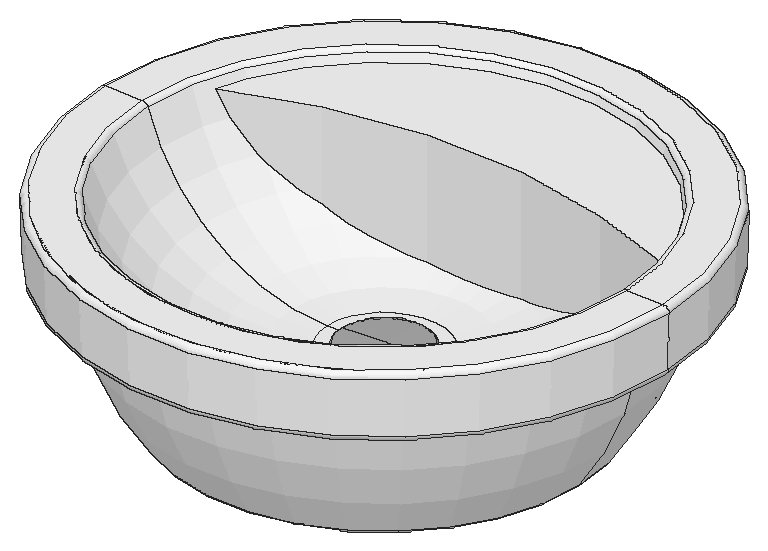
Revit family "NLRS_74_PF_UN_wastafel_S8W02800000_SPHINX_BCB", category Plumbing Fixtures, Revit 2016
Family settings
  Part Type = Normal
  Round Connector Dimension = Use Radius
  OmniClass Number = 23.45.00.00
  OmniClass Title = Sanitary, Laundry, and Cleaning Equipment
  Work Plane-Based = No
  Always vertical = Yes
  Cut with Voids When Loaded = No
  Shared = No
  Room Calculation Point = No
Parameters (values of type "opbouwwastafel 50 cm")
  NLRS_C_type = "Wastafel zonder kraangat en overloop"
  NLRS_C_serie = "300 Basic"
  NLRS_C_revit_versie = "2016"
  NLRS_C_content_versie = "2.0"
  NLRS_C_content_provider = "BouwConnect"
  NLRS_C_content_datum_uitgifte = "APR-2018"
  NLRS_C_content_datum_gewijzigd = "APR-2018"
  NLRS_C_content_creator = "BouwConnect"
  NLRS_C_URL_product_data = "http://www.sphinx.nl/producten/wastafels-%7C-fonteinen/inbouwwastafels/sphinx-300-basic-%7C-opbouwwastafel-50-cm/27644/"
  Waste Connection = yes
  WFU = 0
  URL = "http://www.sphinx.nl/"
  Type Comments = ""
  NLRS_S_gewicht = 12.00 kg
  NLRS_C_materiaal = none
  NLRS_C_lengte = 500 mm
  NLRS_C_hoogte = 125 mm
  NLRS_C_diameter_uit = 45 mm
  NLRS_C_diameter_in = 35 mm
  NLRS_C_breedte = 500 mm
  Model = "300 opbouwwastafel 50 cm"  # constant formula
  Manufacturer = "Sphinx"  # constant formula
  Keynote = ""
  IfcTypeProduct = "IfcSanitaryTerminalType"
  IfcExportType = "SINK"
  IfcExportAs = "IfcSanitaryTerminalTypeEnum"
  IfcElement = "IfcFlowTerminal"
  NLRS_C_code_EAN = "8711754390492"
  Description = "wastafel"
  CWFU = 0
  NLRS_C_URL_BCB = "http://bcb-online.nl/?zoekterm=Sphinx+++%5bGeberit+B.V.%5d"
  Assembly Code = "47.11"
Types (2, lengths in mm): name | URL | NLRS_C_lengte | NLRS_C_hoogte | NLRS_C_diameter_uit | NLRS_C_diameter_in | NLRS_C_breedte | Description | Assembly Code
  (no name) | 0 | 0 | 0 | 0 | 0 | 0 | "Sphinx - 300 opbouwwastafel 50 cm" | "4(74.11)"
  opbouwwastafel 50 cm | "http://www.sphinx.nl/" | 500 | 125 | 45 | 35 | 500 | "wastafel" | "47.11"
Values of the unnamed type that differ from the named types
  NLRS_C_type = ""
  NLRS_C_serie = ""
  NLRS_C_revit_versie = ""
  NLRS_C_content_versie = ""
  NLRS_C_content_provider = ""
  NLRS_C_content_datum_uitgifte = ""
  NLRS_C_content_datum_gewijzigd = ""
  NLRS_C_content_creator = ""
  NLRS_C_URL_product_data = ""
  NLRS_S_gewicht = 0.00 kg
  Keynote = "opbouwwastafel"
  IfcTypeProduct = ""
  IfcExportType = ""
  IfcExportAs = ""
  IfcElement = ""
  NLRS_C_code_EAN = ""
  NLRS_C_URL_BCB = ""
Reference planes
  plane 1 "Center (Front/Back)": y = 0
  plane 2: z = 0
  plane 3 "Center (Left/Right)": x = 0
Forms (mm)
  Revolve 1, solid, material "74_porcelein_wit", detail levels medium+fine
    sketch origin (0.084, 0, 55) x (1, 0, 0) y (0, 0, 1)
      loop
        arc (-248.838, -50.132) -> (-247.329, -53.583) -> (-243.84, -55.001) r 5
        line (-243.84, -55.001) -> (-228.854, -55.001)
        arc (-228.854, -55.001) -> (-225.118, -56.306) -> (-223.007, -59.654) r 6
        arc (-223.007, -59.654) -> (-203.276, -116.437) -> (-171.834, -167.671) r 278.843
        arc (-171.834, -167.671) -> (-169.732, -169.386) -> (-167.088, -170) r 6
        line (-167.088, -170) -> (-33.2, -170) -> (-35.984, -120) -> (-50.188, -120)
        arc (-50.188, -120) -> (-148.212, -87.726) -> (-207.89, -3.529) r 165
        arc (-207.89, -3.529) -> (-209.698, -0.978) -> (-212.669, 0) r 5
        line (-212.669, 0) -> (-245.022, 0)
        arc (-245.022, 0) -> (-248.603, -1.511) -> (-250.02, -5.131) r 5
        line (-250.02, -5.131) -> (-248.838, -50.132)
      axis (0, 0) -> (0, -170)
    angle from 0 to 360
  Extrusion 2, solid, material "74_porcelein_wit", detail levels medium+fine
    sketch origin (0.084, 0, 55) x (1, 0, 0) y (0, 1, 0)
      loop
        arc (-199.466, 57.182) -> (-0.04, 99.999) -> (199.419, 57.343) r 486.745
        arc (199.419, 57.343) -> (-0.084, 207.5) -> (-199.466, 57.182) r 207.5
    from -154.528 to -10
  Revolve 3, void, detail levels medium+fine
    sketch origin (0.084, 0, 55) x (1, 0, 0) y (0, 0, 1)
      loop
        line (-223.562, -55.001) -> (-298.854, -55.001) -> (-298.854, -167.671) -> (-169.3, -167.671)
        arc (-169.3, -167.671) -> (-201.136, -116.281) -> (-221.058, -59.205) r 276.843
        arc (-221.058, -59.205) -> (-221.981, -56.907) -> (-223.562, -55.001) r 8
      axis (0, -55.001) -> (0, -167.671)
    angle from 0 to 180
  Revolve 4, solid, material "74_metaal_generiek", detail levels medium+fine
    sketch origin (-678.652, -0.074, -9.687) x (1, 0, 0) y (0, 0, 1)
      loop
        line (678.796, -55) -> (678.796, -50.513)
        arc (678.796, -50.513) -> (660.582, -50.521) -> (642.418, -51.856) r 250
        arc (642.418, -51.856) -> (641.771, -52.188) -> (641.511, -52.868) r 1.018
        line (641.511, -52.868) -> (641.511, -54)
        arc (641.511, -54) -> (641.804, -54.707) -> (642.511, -55) r 1
        line (642.511, -55) -> (678.796, -55)
      axis (678.796, -55) -> (678.796, -50.513)
    angle from 0 to 360
  Extrusion 5, solid, material "74_porcelein_wit", detail levels coarse
    sketch origin (0, 0, 0) x (1, 0, 0) y (0, 1, 0)
      loop
        circle (0, 0) r 250
    from -115 to 55
  Extrusion 6, void, detail levels coarse
    sketch origin (0, 0, 0) x (1, 0, 0) y (0, 1, 0)
      loop
        circle (0, 0) r 207.5
    from -99.528 to 99.902
  Extrusion 7, solid, not visible
    sketch origin (0, 0, -115) x (1, 0, 0) y (0, 1, 0)
      loop
        circle (0.084, 0) r 22.5
    from 0 to 5
Cuts and joins
  Revolve 3 cuts Extrusion 2
  Extrusion 6 cuts Extrusion 5
Dimensions and locks
  aligned and locked: level to plane 2
Connectors
  piping at (0.084, 0, -115), diameter 50, driven by "WFU"
    settings: on Extrusion 7, index 1, connector inside diameter 50 mm, connector length 0 mm, flow factor 0, pipe flow 0.0 L/s, pressure drop 0.0 Pa, fitting loss kfactor 0, connector angle 0.00°, fixture units 0, engagement length 0 mm, angle of deflection 0.00°, flow configuration 3, flow direction 2, fitting loss method 0, system type 16, joint type 0, gender type 0, connector reference index -1, connector utility 0, adjustable connector no, is connector primary yes, connector description "out"
